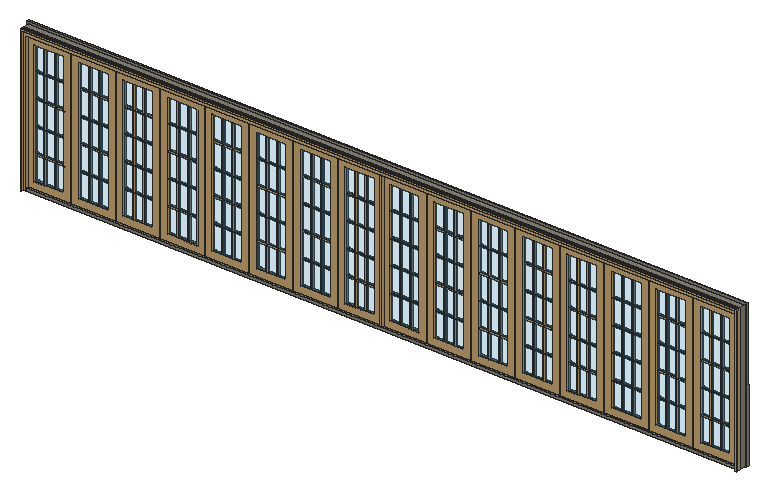
Revit family (continued)
Definition of nested family "Muntins"
  Forms (in)
    Extrusion 9, solid, material <- "Muntin Material", visible <- "PrairieMuntVisible", detail levels medium+fine
      from 0 to 0.375 <- "MuntinDepth"
    Extrusion 10, solid, material <- "Muntin Material", visible <- "PrairieMuntVisible", detail levels medium+fine
      sketch origin (-0.0013, 0, 1.125) x (1, 0, 0) y (0, 0, 1)
        loop
          line (-12.21745, 39.625) -> (-12.21745, 38.875) -> (12.22005, 38.875) -> (12.22005, 39.625) -> (-12.21745, 39.625)
      from 0 to 0.375 <- "MuntinDepth"
  Cuts and joins
    joined: Extrusion 7, Extrusion 8, Extrusion 9, Extrusion 10
  Lines and regions (in)
    model lines, style "Muntins", visible <- "CenterMuntinHorizontal", detail levels coarse
      curve 1: line (-12.21875, 0, 53.5625) -> (12.21875, 0, 53.5625)
    model lines, style "Muntins", visible <- "HorizMuntVisible", detail levels coarse
      curve 2: line (-12.21875, 0, 59.48958) -> (12.21875, 0, 59.48958)
      curve 3: line (-12.21875, 0, 47.63542) -> (12.21875, 0, 47.63542)
    model lines, style "Muntins", visible <- "CenterMuntinVertical", detail levels coarse
      curve 4: line (0, 0, 71.34375) -> (0, 0, 35.78125)
    model lines, style "Muntins", visible <- "VertMuntVisible", detail levels coarse
      curve 5: line (-4.07292, 0, 71.34375) -> (-4.07292, 0, 35.78125)
      curve 6: line (4.07292, 0, 71.34375) -> (4.07292, 0, 35.78125)
    model lines, style "Muntins", visible <- "PrairieMuntVisible", detail levels coarse
      curve 7: line (-12.21875, 0, 66.75) -> (12.21875, 0, 66.75)
      curve 8: line (-12.21875, 0, 40.375) -> (12.21875, 0, 40.375)
      curve 9: line (-7.625, 0, 35.78125) -> (-7.625, 0, 71.34375)
      curve 10: line (7.625, 0, 35.78125) -> (7.625, 0, 71.34375)
  Dimensions and locks (in)
    "Inset Horiz": plane 6 to plane 7
    "Inset Horiz": plane 8 to plane 4
    equal spacing: plane 6, plane 5, plane 4
    "Height": plane 6 to plane 4
    "GlazingHeight": plane 9 to plane 10
    equal spacing: plane 9, plane 5, plane 10
    "GlazingWidth": plane 12 to plane 11
    equal spacing: plane 12, plane 3 "Center (Left/Right)", plane 11
    "MuntinWidth": Extrusion 1 sketch curve to Extrusion 1 sketch curve
    "Height": Extrusion 1 sketch curve to Extrusion 1 sketch curve
    "MuntinWidth": Extrusion 2 sketch curve to Extrusion 2 sketch curve
    "Width": Extrusion 2 sketch curve to Extrusion 2 sketch curve
    "MuntinWidth": Extrusion 3 sketch curve to Extrusion 3 sketch curve
    "Height": Extrusion 3 sketch curve to Extrusion 3 sketch curve
    "Width": plane 15 to plane 14
    equal spacing: plane 15, plane 3 "Center (Left/Right)", plane 14
    "Inset Vert": plane 13 to plane 14
    "Inset Vert": plane 15 to plane 16
    "MuntinWidth": Extrusion 4 sketch curve to Extrusion 4 sketch curve
    "Width": Extrusion 4 sketch curve to Extrusion 4 sketch curve
    "MuntinWidth": Extrusion 5 sketch curve to Extrusion 5 sketch curve
    "Width": Extrusion 5 sketch curve to Extrusion 5 sketch curve
    group 2 to group 3 = 0' - 0"  (x2)
    group 3 to group 2 = 0' - 11.85417"
    "MuntinWidth": Extrusion 6 sketch curve to Extrusion 6 sketch curve
    "Height": Extrusion 6 sketch curve to Extrusion 6 sketch curve
    group 4 to group 5 = 0' - 8.14583"
    group 4 to group 5 = 0' - 0"  (x2)
    "Prairie Corner Width": plane 19 to plane 11
    "Prairie Corner Width": plane 20 to plane 12
    "Prairie Corner Height": plane 9 to plane 17
    "Prairie Corner Height": plane 18 to plane 10
    "MuntinWidth": Extrusion 7 sketch curve to Extrusion 7 sketch curve
    "Height": Extrusion 7 sketch curve to Extrusion 7 sketch curve
    "MuntinWidth": Extrusion 8 sketch curve to Extrusion 8 sketch curve
    "Height": Extrusion 8 sketch curve to Extrusion 8 sketch curve
    "MuntinWidth": Extrusion 9 sketch curve to Extrusion 9 sketch curve
    "Width": Extrusion 9 sketch curve to Extrusion 9 sketch curve
    "MuntinWidth": Extrusion 10 sketch curve to Extrusion 10 sketch curve
    "Width": Extrusion 10 sketch curve to Extrusion 10 sketch curve
    aligned and locked: plane 6 to Extrusion 1  (x2)
    aligned and locked: Extrusion 1 to plane 4  (x3)
    aligned and locked: Extrusion 3 to plane 13  (x5)
    aligned and locked: Extrusion 3 to plane 4  (x3)
    aligned and locked: Extrusion 2 to plane 14
    aligned and locked: plane 15 to Extrusion 2
    aligned and locked: plane 6 to Extrusion 3
    aligned and locked: plane 7 to Extrusion 4
    aligned and locked: Extrusion 4 to plane 14
    aligned and locked: plane 15 to Extrusion 4
    aligned and locked: curve 1 to plane 5
    aligned and locked: plane 14 to curve 1
    aligned and locked: plane 15 to curve 1
    aligned and locked: Extrusion 5 to plane 14
    aligned and locked: Extrusion 5 to plane 8
    aligned and locked: plane 15 to Extrusion 5
    aligned and locked: Extrusion 5 to curve 3  (x2)
    aligned and locked: Extrusion 4 to curve 2  (x2)
    aligned and locked: curve 4 to plane 3 "Center (Left/Right)"
    aligned and locked: Extrusion 1 to curve 4  (x2)
    aligned and locked: Extrusion 3 to curve 5  (x2)
    aligned and locked: Extrusion 6 to curve 6  (x2)
    aligned and locked: Extrusion 6 to plane 16
    aligned and locked: plane 6 to Extrusion 6
    aligned and locked: plane 6 to curve 6
    aligned and locked: Extrusion 6 to plane 4
    aligned and locked: plane 4 to curve 6
    aligned and locked: cut or joined group of Extrusion 7, Extrusion 8, Extrusion 9, Extrusion 10 to plane 19
    aligned and locked: plane 20 to cut or joined group of Extrusion 7, Extrusion 8, Extrusion 9, Extrusion 10
    aligned and locked: plane 17 to cut or joined group of Extrusion 7, Extrusion 8, Extrusion 9, Extrusion 10
    aligned and locked: cut or joined group of Extrusion 7, Extrusion 8, Extrusion 9, Extrusion 10 to plane 18
    aligned and locked: cut or joined group of Extrusion 7, Extrusion 8, Extrusion 9, Extrusion 10 to curve 7  (x2)
    aligned and locked: cut or joined group of Extrusion 7, Extrusion 8, Extrusion 9, Extrusion 10 to curve 8  (x2)
    aligned and locked: cut or joined group of Extrusion 7, Extrusion 8, Extrusion 9, Extrusion 10 to curve 9  (x2)
    aligned and locked: cut or joined group of Extrusion 7, Extrusion 8, Extrusion 9, Extrusion 10 to curve 10  (x2)
  Automatic sketch dimensions
    Extrusion 1 sketch curve to plane 4 = 0' - 0"
    Extrusion 1 sketch curve to plane 3 "Center (Left/Right)" = 0' - 0 3/8"
    Extrusion 2 sketch curve to plane 14 = 0' - 0"
    Extrusion 2 sketch curve to plane 5 = 0' - 0 3/8"
    Extrusion 7 sketch curve to plane 4 = 0' - 0"
    Extrusion 7 sketch curve to plane 19 = 0' - 0"
    Extrusion 8 sketch curve to plane 4 = 0' - 0"
    Extrusion 8 sketch curve to plane 20 = 0' - 0 3/4"
    Extrusion 9 sketch curve to plane 14 = 0' - 0"
    Extrusion 9 sketch curve to plane 17 = 0' - 0 3/4"
    Extrusion 10 sketch curve to plane 14 = 0' - 0"
    Extrusion 10 sketch curve to plane 18 = 0' - 0"
    plane 19 to curve 9 = 0' - 0 3/8"
    curve 10 to plane 20 = 0' - 0 3/8"
    plane 18 to curve 8 = 0' - 0 3/8"
    curve 7 to plane 17 = 0' - 0 3/8"
Definition of nested family "Casing_Clad"
  Parameters (values of type "Casing_Clad")
    Width = 55' - 0"
    Height = 8' - 1 1/8"
    Flat Casing Visibility = no
    Cladding Finish = Aluminum-Marvin-Bronze
    BMC Visibility = yes
    Assembly Code = ""
  Reference planes (in)
    plane 1 "Center (Front/Back)": y = 0
    plane 2: z = 0
    plane 3 "Center (Left/Right)": x = 0
    plane 4: z = 97.125
    plane 5: x = -330
    plane 6: x = 330
  Forms (in)
    Sweep 1, solid, material "Aluminum-Marvin-Bronze" <- "Cladding Finish", visible <- "BMC Visibility"
      path origin (0, 0, 0) x (1, 0, 0) y (0, 0, 1)
        loop
          line (-330, 0) -> (-330, 97.125) -> (330, 97.125) -> (330, 0)
      profile "BMC_Clad : BMC_Clad" origin (330, 0, 48.5625) x (1, 0, 0) y (0, -1, 0)
        loop
          line (0.71589, -1.25) -> (1.3125, -1.25) -> (1.3125, 0) -> (0, 0) -> (0, -1.09375) -> (0.38081, -1.09375) -> (0.71589, -1.25)
    Sweep 2, solid, material "Aluminum-Marvin-Bronze" <- "Cladding Finish", visible <- "Flat Casing Visibility"
      path origin (0, 0, 0) x (1, 0, 0) y (0, 0, 1)
        loop
          line (-330, 0) -> (-330, 97.125) -> (330, 97.125) -> (330, 0)
      profile "Flat_Casing_Clad : Flat_Casing_Clad" origin (330, 0, 48.5625) x (1, 0, 0) y (0, -1, 0)
        loop
          line (3, -1.09375) -> (3, 0) -> (0, 0) -> (0, -1.09375) -> (3, -1.09375)
  Lines and regions (in)
    Masking region 1, visible <- "Flat Casing Visibility"
      outline origin (0, 0, 0) x (1, 0, 0) y (0, 1, 0)
        loop
          line (-330, 0) -> (-330, 1.09375) -> (-333, 1.09375) -> (-333, 0) -> (-330, 0)
    Masking region 2, visible <- "Flat Casing Visibility"
      outline origin (0, 0, 0) x (0, 1, 0) y (-1, 0, 0)
        loop
          line (0, -330) -> (0, -333) -> (1.09375, -333) -> (1.09375, -330) -> (0, -330)
    Masking region 3, visible <- "BMC Visibility"
      outline origin (0, 0, 0) x (1, 0, 0) y (0, 1, 0)
        loop
          line (330, 1.09375) -> (330, 0) -> (331.3125, 0) -> (331.3125, 1.25) -> (330.71589, 1.25) -> (330.38081, 1.09375) -> (330, 1.09375)
    Masking region 4, visible <- "BMC Visibility"
      outline origin (0, 0, 0) x (0, 1, 0) y (-1, 0, 0)
        loop
          line (1.09375, 330) -> (1.09375, 330.38081) -> (1.25, 330.71589) -> (1.25, 331.3125) -> (0, 331.3125) -> (0, 330) -> (1.09375, 330)
    Masking region 5, visible <- "Flat Casing Visibility"
      outline origin (0, 0, 0) x (0, 1, 0) y (0, 0, 1)
        loop
          line (1.09375, 100.125) -> (0, 100.125) -> (0, 97.125) -> (1.09375, 97.125) -> (1.09375, 100.125)
    Masking region 6, visible <- "BMC Visibility"
      outline origin (0, 0, 0) x (0, 1, 0) y (0, 0, 1)
        loop
          line (1.25, 98.4375) -> (0, 98.4375) -> (0, 97.125) -> (1.09375, 97.125) -> (1.09375, 97.50581) -> (1.25, 97.84089) -> (1.25, 98.4375)
    symbolic lines, style "Frame/Mullion", visible <- "Flat Casing Visibility", detail levels coarse+medium
      curve 1: line (0, 1.09375, 97.125) -> (0, 1.09375, 100.125)
      curve 2: line (0, 1.09375, 100.125) -> (0, 0, 100.125)
      curve 11: line (-333, 1.09375, 0) -> (-333, 0, 0)
      curve 12: line (-330, 1.09375, 0) -> (-333, 1.09375, 0)
      curve 13: line (333, 0, 0) -> (333, 1.09375, 0)
      curve 14: line (333, 1.09375, 0) -> (330, 1.09375, 0)
    symbolic lines, style "Frame/Mullion", visible <- "BMC Visibility", detail levels coarse+medium
      curve 3: line (0, 1.25, 98.4375) -> (0, 0, 98.4375)
      curve 4: line (0, 1.25, 97.84089) -> (0, 1.25, 98.4375)
      curve 5: line (0, 1.09375, 97.50581) -> (0, 1.25, 97.84089)
      curve 6: line (0, 1.09375, 97.125) -> (0, 1.09375, 97.50581)
      curve 7: line (-330.71589, 1.25, 0) -> (-331.3125, 1.25, 0)
      curve 8: line (-330.38081, 1.09375, 0) -> (-330.71589, 1.25, 0)
      curve 9: line (-330, 1.09375, 0) -> (-330.38081, 1.09375, 0)
      curve 10: line (-331.3125, 1.25, 0) -> (-331.3125, 0, 0)
      curve 15: line (331.3125, 0, 0) -> (331.3125, 1.25, 0)
      curve 16: line (331.3125, 1.25, 0) -> (330.71589, 1.25, 0)
      curve 17: line (330.71589, 1.25, 0) -> (330.38081, 1.09375, 0)
      curve 18: line (330.38081, 1.09375, 0) -> (330, 1.09375, 0)
  Dimensions and locks (in)
    "Width": plane 6 to plane 5
    equal spacing: plane 6, plane 3 "Center (Left/Right)", plane 5
    "Height": plane 4 to plane 2
    aligned and locked: plane 4 to Sweep 1 sketch curve
    aligned and locked: plane 5 to Sweep 1 sketch curve
    aligned and locked: plane 2 to Sweep 1 sketch curve
    aligned and locked: Sweep 1 sketch curve to plane 2
    aligned and locked: plane 4 to Sweep 2 sketch curve
    aligned and locked: plane 5 to Sweep 2 sketch curve
    aligned and locked: plane 2 to Sweep 2 sketch curve
    aligned and locked: Sweep 2 sketch curve to plane 2
    aligned and locked: Masking region 1 sketch curve to Sweep 1
    aligned and locked: plane 1 "Center (Front/Back)" to Masking region 1 sketch curve
    aligned and locked: Sweep 2 to Masking region 1 sketch curve
    aligned and locked: Masking region 1 sketch curve to Sweep 2
    aligned and locked: Masking region 2 sketch curve to Sweep 2  (x3)
    aligned and locked: Sweep 2 to Masking region 2 sketch curve
    aligned and locked: Masking region 3 sketch curve to Sweep 2
    aligned and locked: Masking region 3 sketch curve to Sweep 1  (x4)
    aligned and locked: Sweep 1 to Masking region 3 sketch curve
    aligned and locked: Masking region 4 sketch curve to Sweep 2
    aligned and locked: Masking region 4 sketch curve to Sweep 1  (x5)
    aligned and locked: Masking region 5 sketch curve to Sweep 2  (x2)
    aligned and locked: Sweep 1 to Masking region 5 sketch curve
    aligned and locked: Masking region 5 sketch curve to Sweep 1
    aligned and locked: Masking region 6 sketch curve to Sweep 1  (x6)
    aligned and locked: curve 1 to Masking region 5
    aligned and locked: curve 2 to Sweep 2
    aligned and locked: curve 3 to Sweep 1
    aligned and locked: curve 4 to Masking region 6
    aligned and locked: curve 5 to Sweep 1
    aligned and locked: curve 6 to Masking region 6
    aligned and locked: Masking region 2 to curve 14
    aligned and locked: Masking region 3 to curve 16
    aligned and locked: Masking region 3 to curve 18
    aligned and locked: Sweep 2 sketch curve to plane 6
    aligned and locked: Sweep 1 sketch curve to plane 6
    aligned and locked: curve 11 to Sweep 2
    aligned and locked: curve 10 to Sweep 1
    aligned and locked: Sweep 1 to curve 7
    aligned and locked: curve 8 to Sweep 1
    aligned and locked: Sweep 1 to curve 9
    aligned and locked: curve 13 to Sweep 2
    aligned and locked: curve 15 to Sweep 1
    aligned and locked: curve 17 to Sweep 1
  Automatic sketch dimensions
    curve 1 to plane 4 = 0' - 0"
    curve 2 to plane 1 "Center (Front/Back)" = 0' - 0"
    curve 3 to plane 1 "Center (Front/Back)" = 0' - 0"
    curve 6 to plane 4 = 0' - 0"
    curve 10 to plane 1 "Center (Front/Back)" = 0' - 0"
    curve 11 to plane 1 "Center (Front/Back)" = 0' - 0"
    curve 13 to plane 1 "Center (Front/Back)" = 0' - 0"
    curve 15 to plane 1 "Center (Front/Back)" = 0' - 0"
    plane 5 to curve 12 = 0' - 0"
    curve 18 to plane 6 = 0' - 0"
Definition of nested family "Panel_TRDL"
  Parameters (values of type "Panel_TRDL")
    Width = 2' - 11 139/256"
    Thickness = 0' - 2 7/32"
    Standard Bottom Rail = yes
    Sill Option = 1
    Sill Offset = if(Sill Option < 2, 0' 0 7/16", 0' 0")  # 0' - 0 7/16"
    Offset = if(Standard Bottom Rail, 0' 1", 0' 0")  # 0' - 1"
    Meeting Stile [instance] = yes
    Interior Finish = none
    Height = 7' - 7 3/8"
    Glazing Material = Glass-Marvin-IG Low E II with Argon
    Function = (empty or 0)
    Elevation Swing = yes
    Cladding Finish = Aluminum-Marvin-Bronze
    Bottom Rail = if(Standard Bottom Rail, 0' 4 47/64", 0' 8 1/8")  # 0' - 4 47/64"
    Assembly Code = ""
    8 1_8 Bottom Rail = not(Standard Bottom Rail)  # no
  Reference planes (in)
    plane 1 "Center (Front/Back)": y = 0
    plane 2: z = 0
    plane 3 "Center (Left/Right)": x = 0
    plane 4: x = -17.77148
    plane 5: x = 17.77148
    plane 6: z = 91.375
    plane 7 "Interior": y = -2.21875
    plane 8: z = 86.64062
    plane 9: x = -13.03711
    plane 10: x = 13.03711
    plane 11: z = 4.73437
  Forms (in)
    Sweep 1, solid, material <- "Interior Finish"
      path origin (0, 0, 0) x (1, 0, 0) y (0, 0, 1)
        loop
          line (-13.03711, 86.64063) -> (-13.03711, 4.73438) -> (13.03711, 4.73438) -> (13.03711, 86.64063) -> (-13.03711, 86.64063)
      profile "Sash_Int : Sash_Int" origin (0, 0, 86.64063) x (0, 0, 1) y (0, -1, 0)
        loop
          line (4.73438, 2.21875) -> (0, 2.21875) -> (0, 1.4375) -> (0.73438, 1.4375) -> (0.73437, 0.46875) -> (4.73437, 0.46875) -> (4.73438, 2.21875)
    Extrusion 2, solid, material "Glass-Marvin-IG Low E II with Argon" <- "Glazing Material"
      sketch origin (0, 0, 0) x (1, 0, 0) y (0, 0, 1)
        loop
          line (-13.76195, 87.36546) -> (-13.76195, 4.00954) -> (13.76195, 4.00954) -> (13.76195, 87.36546) -> (-13.76195, 87.36546)
      from 0.46875 to 0.65625
    Sweep 3, solid, material "Aluminum-Marvin-Bronze" <- "Cladding Finish"
      path origin (0, 0, 0) x (1, 0, 0) y (0, 0, 1)
        loop
          line (-13.03711, 86.64063) -> (-13.03711, 4.73438) -> (13.03711, 4.73438) -> (13.03711, 86.64063) -> (-13.03711, 86.64063)
      profile "Sash_Ext : Sash_Ext" origin (0, 0, 86.64063) x (0, 0, 1) y (0, -1, 0)
        loop
          line (4.73438, 0.46875) -> (0, 0.46875) -> (0, 0.40625) -> (0.25, 0.15625) -> (0.25, 0) -> (4.73437, 0) -> (4.73438, 0.46875)
    Sweep 4, solid, material "Aluminum-Marvin-Bronze" <- "Cladding Finish"
      path origin (0, 0, 0) x (1, 0, 0) y (0, 0, 1)
        loop
          line (17.77148, 0) -> (-17.77148, 0)
      profile origin (0, 0, 0) x (0, 0, -1) y (0, -1, 0)
        loop
          line (0, 0) -> (0, 0.46875) -> (-1, 0.46875) -> (-1, 0) -> (0, 0)
    Sweep 5, solid, material <- "Interior Finish"
      path origin (0, 0, 0) x (1, 0, 0) y (0, 0, 1)
        loop
          line (17.77148, 0) -> (-17.77148, 0)
      profile origin (0, 0, 0) x (0, 0, -1) y (0, -1, 0)
        loop
          line (0, 0.46875) -> (0, 2.21875) -> (-1, 2.21875) -> (-1, 0.46875) -> (0, 0.46875)
    Sweep 6, solid, material <- "Interior Finish", visible <- "Meeting Stile"
      path origin (0, -2.21875, 0) x (1, 0, 0) y (0, 0, 1)
        loop
          line (-17.77148, 91) -> (-17.77148, 0.4375)
      profile "Mtg_Stile : Mtg_Stile" origin (-17.77148, -2.21875, 45.71875) x (1, 0, 0) y (0, -1, 0)
        loop
          line (1, 1.34375) -> (-0.8125, 1.34375) -> (-0.8125, 0) -> (1, 0) -> (1, 1.34375)
    Extrusion 7, solid, material "Glass-Marvin-IG Low E II with Argon" <- "Glazing Material"
      sketch origin (0, 0, 0) x (1, 0, 0) y (0, 0, 1)
        loop
          line (-13.76195, 87.36546) -> (-13.76195, 4.00954) -> (13.76195, 4.00954) -> (13.76195, 87.36546) -> (-13.76195, 87.36546)
      from 1.25 to 1.4375
  Cuts and joins
    joined: Sweep 3, Sweep 4
    joined: Sweep 1, Sweep 5
  Lines and regions (in)
    symbolic lines, style "Elevation Swing", visible <- "Elevation Swing"
      curve 1: line (17.77148, 0, 45.6875) -> (-17.77148, 0, 91.375)
      curve 2: line (17.77148, 0, 45.6875) -> (-17.77148, 0, 0)
  Dimensions and locks (in)
    equal spacing: plane 4, plane 3 "Center (Left/Right)", plane 5
    "Width": plane 4 to plane 5
    "Height": plane 6 to plane 2
    locked: plane 9 to plane 4 at 4.73438
    locked: plane 5 to plane 10 at 4.73438
    locked: plane 6 to plane 8 at 4.73438
    "Bottom Rail": plane 11 to plane 2
    "Thickness": plane 7 "Interior" to plane 1 "Center (Front/Back)"
    locked: plane 6 to Sweep 6 sketch curve at 0.375
    "Sill Offset": Sweep 6 sketch curve to plane 2
    locked: Extrusion 2 sketch curve to plane 8 at 0.72484
    locked: plane 11 to Extrusion 2 sketch curve at 0.72484
    locked: Extrusion 2 sketch curve to plane 10 at 0.72484
    locked: plane 9 to Extrusion 2 sketch curve at 0.72484
    locked: Extrusion 7 sketch curve to plane 8 at 0.72484
    locked: plane 11 to Extrusion 7 sketch curve at 0.72484
    locked: Extrusion 7 sketch curve to plane 10 at 0.72484
    locked: plane 9 to Extrusion 7 sketch curve at 0.72484
    "Offset": Sweep 5 sketch curve to plane 2
    locked: plane 11 to Sweep 5 sketch curve at 4.73438
    "Offset": Sweep 4 sketch curve to plane 2
    locked: plane 11 to Sweep 4 sketch curve at 4.73438
    equal spacing: plane 6, curve 2, plane 2
    aligned and locked: plane 11 to Sweep 1 sketch curve
    aligned and locked: plane 9 to Sweep 1 sketch curve
    aligned and locked: Sweep 1 sketch curve to plane 8
    aligned and locked: Sweep 1 sketch curve to plane 10
    aligned: Sweep 1 to Extrusion 2
    aligned: Extrusion 2 to Sweep 1
    aligned and locked: plane 8 to Sweep 3 sketch curve
    aligned and locked: plane 10 to Sweep 3 sketch curve
    aligned and locked: Sweep 3 sketch curve to plane 11
    aligned and locked: Sweep 3 sketch curve to plane 9
    aligned and locked: plane 4 to Sweep 4 sketch curve
    aligned and locked: plane 4 to Sweep 5 sketch curve
    aligned and locked: Sweep 5 sketch curve to plane 7 "Interior"
    aligned and locked: cut or joined group of Sweep 3, Sweep 4 to Sweep 6 sketch curve
    aligned and locked: curve 1 to cut or joined group of Sweep 3, Sweep 4  (x2)
    aligned and locked: plane 5 to Sweep 5 sketch curve
    aligned and locked: Sweep 5 sketch curve to profile plane
    aligned and locked: cut or joined group of Sweep 1, Sweep 5 to Sweep 4 sketch curve
    aligned and locked: plane 5 to Sweep 4 sketch curve
    aligned and locked: cut or joined group of Sweep 1, Sweep 5 to Extrusion 2
    aligned and locked: Extrusion 7 to cut or joined group of Sweep 1, Sweep 5
    aligned and locked: Extrusion 2 to cut or joined group of Sweep 3, Sweep 4
  Automatic sketch dimensions
    Sweep 4 sketch curve to profile plane = 0' - 0"
    Sweep 4 sketch curve to plane 1 "Center (Front/Back)" = 0' - 0"
    plane 1 "Center (Front/Back)" to Sweep 5 sketch curve = 0' - 0 15/32"
    curve 2 to level = 0' - 0"
    curve 2 to plane 4 = 0' - 0"
    curve 1 to plane 6 = 0' - 0"
Definition of nested family "Label Annotation 1-16 w"
  Parameters
    Label = ""
    Egress Info = ""
    Description = "4848 FIXED"
  Reference planes (in)
    plane 1: y = 0
    plane 2: x = 0
  Text (in)
    label "Description Egress Info" at (0.00375, -0.00345, 0), shows "Description", "Egress Info"
Definition of nested family "Door_Section_Detail"
  Parameters (values of type "Door_Section_Detail")
    Sill Performance = yes
    Sill Low Profile = no
    Panel Height = 7' - 8"
    Height = 8' - 1 1/8"
    Flat Casing = no
    Flange = not(Casing Visibility)  # no
    Casing Visibility = yes
    Bottom Rail = 0' - 8 1/8"
    BMC = yes
    Assembly Code = ""
    Sill Floor Channel = no
  Reference planes (in)
    plane 1 "Bottom": y = 0
    plane 2: z = 0
    plane 3 "Center (Left/Right)": x = 0
    plane 4: y = 97.125
    plane 5: y = 93.65625
  Lines and regions (in)
    detail lines, style "Cut Lines", in view "Ref. Level"
      curve 1: line (2.03077, 9.14062, 0) -> (2.03077, 89.55382, 0)
      curve 2: line (2.21827, 9.14062, 0) -> (2.21827, 89.55382, 0)
      curve 3: line (2.81202, 9.14062, 0) -> (2.81202, 89.55382, 0)
      curve 4: line (2.99952, 9.14062, 0) -> (2.99952, 89.55382, 0)
  Dimensions and locks (in)
    "Height": plane 4 to plane 1 "Bottom"
    locked: plane 4 to plane 5 at 3.46875
    "Panel Height": plane 5 to nested 2
    aligned and locked: nested 1 to plane 4
    aligned and locked: plane 3 "Center (Left/Right)" to nested 1
    aligned and locked: plane 3 "Center (Left/Right)" to nested 2
    aligned and locked: plane 1 "Bottom" to nested 3
    aligned and locked: plane 3 "Center (Left/Right)" to nested 3
    aligned and locked: nested 2 to curve 4  (x2)
    aligned and locked: nested 2 to curve 3
    aligned and locked: nested 2 to curve 2
    aligned and locked: nested 2 to curve 1
    aligned and locked: curve 3 to nested 2
    aligned and locked: curve 2 to nested 2
    aligned and locked: curve 1 to nested 2
    aligned and locked: curve 4 to nested 1
    aligned and locked: nested 1 to curve 1
    aligned and locked: nested 1 to curve 2
    aligned and locked: nested 1 to curve 3
  Nested families (in)
    nested 1: "Head_Detail" at (0, 97.125, 0), type "Jamb_Detail", in view "Ref. Level"
    nested 2: "Sill_Detail" at (0, 1.65625, 0), type "Sill_Detail", in view "Ref. Level"
    nested 3: "Sill_Base_Detail" at (0, 0, 0), type "Sill_Detail", in view "Ref. Level"
  Definition of nested family "Head_Detail"
    Parameters (values of type "Jamb_Detail")
      Flange = not(Casing Visibility)  # no
      Casing Visibility = yes
      Assembly Code = ""
    Reference planes (in)
      plane 1 "Center (Front/Back)": y = 0
      plane 2: z = 0
      plane 3 "Center (Left/Right)": x = 0
    Lines and regions (in)
      detail lines, style "Cut Lines", in view "Ref. Level"
        curve 1: line (5.5625, 0, 0) -> (-1.09375, 0, 0)
        curve 2: line (5.5625, 0, 0) -> (5.5625, -3.84375, 0)
        curve 3: line (5.5625, -3.84375, 0) -> (4.21875, -3.84375, 0)
        curve 4: line (4.21875, -3.21875, 0) -> (4.21875, -3.84375, 0)
        curve 5: line (4.21875, -3.21875, 0) -> (1.625, -3.21875, 0)
        curve 6: line (2.10104, -1.125, 0) -> (0.125, -1.125, 0)
        curve 7: line (2.10104, -1.125, 0) -> (2.10104, -3.21875, 0)
        curve 8: line (0.125, -3.03125, 0) -> (0.125, -1.125, 0)
        curve 9: line (-1.09375, -0.8125, 0) -> (-1.09375, 0, 0)
        curve 10: line (1.625, -3.21875, 0) -> (1.625, -2.71875, 0)
        curve 11: line (1.99167, -1.26563, 0) -> (0.23438, -1.26563, 0)
        curve 12: line (0.23438, -1.26563, 0) -> (0.23438, -2.84375, 0)
        curve 13: line (1.99167, -2.84375, 0) -> (1.99167, -1.26563, 0)
        curve 14: line (0.84375, -2.71875, 0) -> (0.84375, -3.03125, 0)
        curve 15: line (0.59375, -2.84375, 0) -> (0.23438, -2.84375, 0)
        curve 16: line (1.875, -2.84375, 0) -> (1.99167, -2.84375, 0)
        curve 17: line (0.84375, -2.71875, 0) -> (0.59375, -2.71875, 0)
        curve 18: line (1.625, -2.71875, 0) -> (1.875, -2.71875, 0)
        curve 19: line (1.875, -2.84375, 0) -> (1.875, -2.71875, 0)
        curve 20: line (0.59375, -2.71875, 0) -> (0.59375, -2.84375, 0)
        curve 21: line (0.84375, -3.03125, 0) -> (0.125, -3.03125, 0)
        curve 22: line (3.78077, -3.47742, 0) -> (1.56202, -3.47742, 0)
        curve 23: line (3.78077, -8.2118, 0) -> (3.78077, -3.47742, 0)
        curve 24: line (1.56202, -3.47742, 0) -> (1.56202, -7.9618, 0)
        curve 25: line (2.99952, -8.2118, 0) -> (3.78077, -8.2118, 0)
        curve 26: line (1.56202, -7.9618, 0) -> (1.71827, -7.9618, 0)
        curve 27: line (2.03077, -8.2118, 0) -> (1.96827, -8.2118, 0)
        curve 28: line (2.03077, -7.47742, 0) -> (2.99952, -7.47742, 0)
        curve 29: line (2.03077, -8.2118, 0) -> (2.03077, -7.47742, 0)
        curve 30: line (2.99952, -7.47742, 0) -> (2.99952, -8.2118, 0)
        curve 31: line (1.71827, -7.9618, 0) -> (1.96827, -8.2118, 0)
        curve 32: line (2.99952, -7.57117, 0) -> (2.03077, -7.57117, 0)
        curve 33: line (2.81202, -7.88368, 0) -> (2.21827, -7.88367, 0)
        curve 34: line (-0.0625, -0.8125, 0) -> (-1.09375, -0.8125, 0)
        curve 35: line (-0.0625, -1.125, 0) -> (-0.0625, -0.8125, 0)
        curve 41: line (0.125, -1.125, 0) -> (-0.0625, -1.125, 0)
      detail lines, style "Cut Lines", in view "Ref. Level", visible <- "Flange"
        curve 36: line (0, 1.5, 0) -> (0, 0.15625, 0)
        curve 37: line (0, 0.15625, 0) -> (0.11001, 0.15625, 0)
        curve 38: line (-0.04688, 1.5, 0) -> (-0.04688, 0, 0)
        curve 39: line (0, 1.5, 0) -> (-0.04688, 1.5, 0)
        curve 40: line (0.11001, 0.15625, 0) -> (0.11001, 0, 0)
  Definition of nested family "Sill_Detail"
    Parameters (values of type "Sill_Detail")
      Bottom Rail = 0' - 8 1/8"
      Assembly Code = ""
      8 Sill = no
      6.5625 Sill = yes
    Reference planes (in)
      plane 1 "Center (Front/Back)": y = 0
      plane 2: z = 0
      plane 3 "Center (Left/Right)": x = 0
      plane 4: y = 8.125
    Lines and regions (in)
      detail lines, style "Cut Lines", in view "Ref. Level"
        curve 1: line (3.78077, 0, 0) -> (1.56202, 0, 0)
        curve 2: line (3.78077, 8.125, 0) -> (3.78077, 0, 0)
        curve 3: line (1.56202, 0, 0) -> (1.56202, 7.875, 0)
        curve 4: line (2.99952, 8.125, 0) -> (3.78077, 8.125, 0)
        curve 5: line (1.56202, 7.875, 0) -> (1.71827, 7.875, 0)
        curve 6: line (2.03077, 8.125, 0) -> (1.96827, 8.125, 0)
        curve 7: line (2.03077, 7.39062, 0) -> (2.99952, 7.39062, 0)
        curve 8: line (2.03077, 8.125, 0) -> (2.03077, 7.39062, 0)
        curve 9: line (2.99952, 7.39062, 0) -> (2.99952, 8.125, 0)
        curve 10: line (1.71827, 7.875, 0) -> (1.96827, 8.125, 0)
        curve 11: line (2.99952, 7.48437, 0) -> (2.03077, 7.48437, 0)
        curve 12: line (2.81202, 7.79687, 0) -> (2.21827, 7.79687, 0)
      detail lines, style "Cut Lines", in view "Ref. Level", not visible
        curve 13: line (2.99952, 8.125, 0) -> (3.78077, 8.125, 0)
        curve 14: line (1.56202, 7.875, 0) -> (1.71827, 7.875, 0)
        curve 15: line (2.03077, 8.125, 0) -> (1.96827, 8.125, 0)
        curve 16: line (2.03077, 7.39062, 0) -> (2.99952, 7.39062, 0)
        curve 17: line (2.03077, 8.125, 0) -> (2.03077, 7.39062, 0)
        curve 18: line (2.99952, 7.39062, 0) -> (2.99952, 8.125, 0)
        curve 19: line (1.71827, 7.875, 0) -> (1.96827, 8.125, 0)
        curve 20: line (2.99952, 7.48437, 0) -> (2.03077, 7.48437, 0)
        curve 21: line (2.81202, 7.79687, 0) -> (2.21827, 7.79687, 0)
    Dimensions and locks (in)
      "Bottom Rail": plane 1 "Center (Front/Back)" to plane 4
      aligned and locked: plane 4 to curve 4
      aligned and locked: curve 1 to plane 1 "Center (Front/Back)"
    Automatic sketch dimensions
      curve 2 to plane 4 = 0' - 0"
      plane 4 to curve 3 = 0' - 0 1/4"
      plane 3 "Center (Left/Right)" to curve 1 = 0' - 1.56202"
      curve 1 to curve 2 = 0' - 2 7/32"
  Definition of nested family "Sill_Base_Detail"
    Parameters (values of type "Sill_Detail")
      Sill Performance = yes
      Sill Low Profile = no
      Assembly Code = ""
      Sill Floor Channel = no
    Reference planes (in)
      plane 1 "Center (Front/Back)": y = 0
      plane 2: z = 0
      plane 3 "Center (Left/Right)": x = 0
    Lines and regions (in)
      detail lines, style "Cut Lines", in view "Ref. Level", visible <- "Sill Performance"
        curve 1: line (5.5625, 0, 0) -> (-1.09375, 0, 0)
        curve 2: line (4.21875, 2.125, 0) -> (5.5625, 2.125, 0)
        curve 3: line (5.5625, 2.125, 0) -> (5.5625, 0, 0)
        curve 4: line (4.21875, 1.3125, 0) -> (4.21875, 2.125, 0)
        curve 5: line (-1.09375, 1.04409, 0) -> (-1.09375, 0, 0)
        curve 6: line (2.28125, 1.3125, 0) -> (2.517, 1.3125, 0)
        curve 7: line (-1.09375, 1.04409, 0) -> (1.625, 1.32985, 0)
        curve 8: line (1.625, 0.4375, 0) -> (1.625, 1.32985, 0)
        curve 9: line (2.28125, 1.3125, 0) -> (2.28125, 0.4375, 0)
        curve 10: line (2.28125, 0.4375, 0) -> (1.625, 0.4375, 0)
        curve 35: line (3.09375, 1.3125, 0) -> (3.09375, 0.4375, 0)
        curve 36: line (3.09375, 0.4375, 0) -> (2.517, 0.5813, 0)
        curve 37: line (2.517, 0.5813, 0) -> (2.517, 1.3125, 0)
        curve 38: line (3.09375, 1.3125, 0) -> (4.21875, 1.3125, 0)
      detail lines, style "Cut Lines", in view "Ref. Level", visible <- "Sill Low Profile"
        curve 11: line (-1.09375, 1.125, 0) -> (1.625, 1.125, 0)
        curve 12: line (-1.09375, 0, 0) -> (-1.09375, 1.125, 0)
        curve 13: line (5.5625, 1.125, 0) -> (5.5625, 0, 0)
        curve 14: line (1.625, 0.25, 0) -> (1.625, 1.125, 0)
        curve 15: line (2.28125, 1.125, 0) -> (2.28125, 0.25, 0)
        curve 16: line (2.28125, 0.25, 0) -> (1.625, 0.25, 0)
        curve 17: line (2.28125, 1.125, 0) -> (2.517, 1.125, 0)
        curve 21: line (5.5625, 0, 0) -> (-1.09375, 0, 0)
        curve 31: line (3.09375, 1.125, 0) -> (3.09375, 0.25, 0)
        curve 32: line (3.09375, 0.25, 0) -> (2.517, 0.3938, 0)
        curve 33: line (2.517, 0.3938, 0) -> (2.517, 1.125, 0)
        curve 34: line (3.09375, 1.125, 0) -> (5.5625, 1.125, 0)
      detail lines, style "Cut Lines", in view "Ref. Level", visible <- "Sill Floor Channel"
        curve 18: line (2.28125, -0.875, 0) -> (1.625, -0.875, 0)
        curve 19: line (1.625, -0.875, 0) -> (1.625, 0, 0)
        curve 20: line (2.28125, 0, 0) -> (2.28125, -0.875, 0)
        curve 22: line (3.1875, 0, 0) -> (3.1875, -1.09375, 0)
        curve 23: line (3.1875, -1.09375, 0) -> (1.46875, -1.09375, 0)
        curve 24: line (1.46875, -1.09375, 0) -> (1.46875, 0, 0)
        curve 25: line (3.1875, 0, 0) -> (3.09375, 0, 0)
        curve 26: line (1.625, 0, 0) -> (1.46875, 0, 0)
        curve 27: line (3.09375, 0, 0) -> (3.09375, -0.87613, 0)
        curve 28: line (3.09375, -0.87613, 0) -> (2.517, -0.73233, 0)
        curve 29: line (2.517, -0.73233, 0) -> (2.517, 0, 0)
        curve 30: line (2.517, 0, 0) -> (2.28125, 0, 0)
Definition of nested family "8_Panel_Swing_Detail"
  Parameters (values of type "Door_Plan_Detail")
    Swing Visibility [instance] = not(or(Swing Angle = 0.00°, Number of Panels > 1))  # no
    Swing Reverse = no
    Swing Horiz = Panel Width * cos(Swing Angle)  # 2' - 1.13267"
    Swing Constraint [instance] = if(Config > 1, Swing Angle, 0.00°)  # 45.00°
    Swing Angle = 45.00°
    Space Btwn Panels = 0' - 0 7/32"
    S8 [instance] = yes
    S7 [instance] = no
    S6 [instance] = no
    S5 [instance] = no
    S4 [instance] = no
    S3 [instance] = no
    S2 [instance] = no
    S1 [instance] = no
    Panels_R [instance] = 3
    Panels_L [instance] = 3
    Panel Width = 2' - 11 139/256"
    Number of Panels_R [instance] = if(Swing Reverse, Panels_L, Panels_R)  # 3
    Number of Panels_L [instance] = if(Swing Reverse, Panels_R, Panels_L)  # 3
    Number of Panels [instance] = if(L_R_1_2 = 1, Number of Panels_L, Number of Panels_R)  # 3
    Panel Gap = 2 * 0' 2 7/32" * sin(Swing Angle) + Space Btwn Panels  # 0' - 3.35654"
    P8 [instance] = Number of Panels > 7  # no
    P7 [instance] = Number of Panels > 6  # no
    P6 [instance] = Number of Panels > 5  # no
    P5 [instance] = Number of Panels > 4  # no
    P4 [instance] = Number of Panels > 3  # no
    P3 [instance] = Number of Panels > 2  # yes
    P2 [instance] = Number of Panels > 1  # yes
    P1 [instance] = Number of Panels > 0  # yes
    L_R_1_2 [instance] = 1
    Config = 45
    Assembly Code = ""
    2 Panel Swing Horiz = 2 * Swing Horiz + Panel Gap  # 4' - 5.62188"
  Reference planes (in)
    plane 1: z = 0
    plane 2 "Swing Line": y = 0.09375
    plane 3 "Right": x = -19.125
    plane 4: x = -19.92187
    plane 5: x = -73.54376
    plane 6: x = -73.76251
    plane 7: x = -127.38439
    plane 8: x = -127.60314
    plane 9: x = -181.22503
    plane 10: x = -181.44378
    plane 11: x = -235.06566
    plane 12: x = -18
  Dimensions and locks (in)
    "Space Btwn Panels": plane 10 to plane 9
    "Space Btwn Panels": plane 8 to plane 7
    "Space Btwn Panels": plane 6 to plane 5
    "2 Panel Swing Horiz": plane 11 to plane 10
    "2 Panel Swing Horiz": plane 9 to plane 8
    "2 Panel Swing Horiz": plane 7 to plane 6
    "2 Panel Swing Horiz": plane 5 to plane 4
    locked: plane 3 "Right" to plane 12 at 1.125
    locked: plane 4 to plane 12 at 1.92187
    aligned and locked: nested 1 to plane 4
    aligned and locked: plane 2 "Swing Line" to nested 1
    aligned and locked: nested 2 to plane 2 "Swing Line"
    aligned and locked: nested 2 to plane 5
    aligned and locked: nested 7 to plane 11
    aligned and locked: nested 7 to plane 2 "Swing Line"
    aligned and locked: nested 8 to plane 10
    aligned and locked: plane 2 "Swing Line" to nested 8
    aligned and locked: nested 6 to plane 9
    aligned and locked: nested 6 to plane 2 "Swing Line"
    aligned and locked: nested 5 to plane 8
    aligned and locked: plane 2 "Swing Line" to nested 5
    aligned and locked: nested 3 to plane 7
    aligned and locked: nested 3 to plane 2 "Swing Line"
    aligned and locked: nested 4 to plane 6
    aligned and locked: plane 2 "Swing Line" to nested 4
    aligned and locked: plane 12 to nested 9
    aligned and locked: plane 2 "Swing Line" to nested 9
  Nested families (in)
    nested 1: "Panel_Swing_Detail" at (-0.79687, 0, 0), visible <- "P1", Mtg Stile L <- "S1", type "Door_Plan_Detail", in view "Ref. Level"
      with Swing Visibility yes, Swing Constraint 45.00°, Swing Arc no, Mtg Stile R no, Mtg Stile L no
    nested 2: "Panel_Swing_Detail" at (-92.66876, 0, 0) x (-1, 0, 0) z (0, 0, 1), visible <- "P2", Mtg Stile R <- "S2", type "Door_Plan_Detail", in view "Ref. Level"
      with Swing Visibility yes, Swing Constraint 45.00°, Swing Arc no, Mtg Stile R no, Mtg Stile L no
    nested 3: "Panel_Swing_Detail" at (-146.50939, 0, 0) x (-1, 0, 0) z (0, 0, 1), visible <- "P4", Mtg Stile R <- "S4", type "Door_Plan_Detail", in view "Ref. Level"
      with Swing Visibility yes, Swing Constraint 45.00°, Swing Arc no, Mtg Stile R no, Mtg Stile L no
    nested 4: "Panel_Swing_Detail" at (-54.63751, 0, 0), visible <- "P3", Mtg Stile L <- "S3", type "Door_Plan_Detail", in view "Ref. Level"
      with Swing Visibility yes, Swing Constraint 45.00°, Swing Arc no, Mtg Stile R no, Mtg Stile L no
    nested 5: "Panel_Swing_Detail" at (-108.47814, 0, 0), visible <- "P5", Mtg Stile L <- "S5", type "Door_Plan_Detail", in view "Ref. Level"
      with Swing Visibility yes, Swing Constraint 45.00°, Swing Arc no, Mtg Stile R no, Mtg Stile L no
    nested 6: "Panel_Swing_Detail" at (-200.35003, 0, 0) x (-1, 0, 0) z (0, 0, 1), visible <- "P6", Mtg Stile R <- "S6", type "Door_Plan_Detail", in view "Ref. Level"
      with Swing Visibility yes, Swing Constraint 45.00°, Swing Arc no, Mtg Stile R no, Mtg Stile L no
    nested 7: "Panel_Swing_Detail" at (-254.19066, 0, 0) x (-1, 0, 0) z (0, 0, 1), visible <- "P8", Mtg Stile R <- "S8", type "Door_Plan_Detail", in view "Ref. Level"
      with Swing Visibility yes, Swing Constraint 45.00°, Swing Arc no, Mtg Stile R yes, Mtg Stile L no
    nested 8: "Panel_Swing_Detail" at (-162.31878, 0, 0), visible <- "P7", Mtg Stile L <- "S7", type "Door_Plan_Detail", in view "Ref. Level"
      with Swing Visibility yes, Swing Constraint 45.00°, Swing Arc no, Mtg Stile R no, Mtg Stile L no
    nested 9: "Jamb_Detail" at (-18, 0.09375, 0), type "Jamb_Detail", in view "Ref. Level"
  Definition of nested family "Panel_Swing_Detail"
    Parameters (values of type "Door_Plan_Detail")
      Swing Visibility [instance] = not(Swing Angle = 0.00°)  # yes
      Swing Constraint [instance] = if(Swing Angle = 0.00°, 1.00°, Swing Angle)  # 45.00°
      Swing Arc [instance] = Config < 4  # no
      Swing Angle = 45.00°
      Config = 45
      Panel Width = 2' - 11 139/256"
      Mtg Stile R [instance] = yes
      Mtg Stile L [instance] = yes
      Assembly Code = ""
    Reference planes (in)
      plane 1: z = 0
      plane 2: y = 0.09375
      plane 3: x = -19.125
      plane 4: x = -54.66797
    Lines and regions (in)
      reference lines, in view "Ref. Level"
        curve 1: line (-19.125, 0.09375, 0) -> (-44.25767, 25.22642, 0)
      detail lines, in view "Ref. Level", visible <- "Swing Arc"
        curve 2: arc (-44.25767, 25.22642, 0) -> (-51.97259, 13.67089, 0) -> (-54.66793, 0.04057, 0) r 35.54297
    Dimensions and locks (in)
      "Panel Width": curve 1 to curve 1
      "Panel Width": plane 4 to plane 3
      "Swing Angle": angle nested 1 to plane 2
      "Swing Constraint": angle curve 1 to plane 2
      aligned and locked: plane 2 to curve 1
      aligned and locked: plane 3 to curve 1
      aligned and locked: curve 1 to curve 2
    Automatic sketch dimensions
      curve 2 to plane 4 = 0' - 0.00004"
      curve 2 to plane 3 = 0' - 0"
      curve 2 to plane 2 = 0' - 0"
      plane 2 to curve 2 = 0' - 0.05318"
    Nested families (in)
      nested 1: "Panel_Detail" at (-19.125, 0.09375, 0) x (0.7071, -0.7071, 0) z (0, 0, 1), Mtg Stile R <- "Mtg Stile R", Mtg Stile L <- "Mtg Stile L", type "Panel_Detail", in view "Ref. Level"
    Definition of nested family "Panel_Detail"
      Parameters (values of type "Panel_Detail")
        Panel Width = 2' - 11 139/256"
        Mtg Stile R [instance] = yes
        Mtg Stile L [instance] = yes
        Assembly Code = ""
      Reference planes (in)
        plane 1 "Center (Front/Back)": y = 0
        plane 2: z = 0
        plane 3 "Right": x = 0
        plane 4 "Left": x = -35.54297
        plane 5: y = -2.21875
      Lines and regions (in)
        Masking region 1, in view "Ref. Level", detail levels coarse+medium
          outline origin (0, -1.75, 0) x (0, -1, 0) y (1, 0, 0)
            loop
              line (0.46875, -35.54297) -> (0.46875, 0) -> (-1.75, 0) -> (-1.75, -35.54297) -> (0.46875, -35.54297)
        detail lines, style "Cut Lines", in view "Ref. Level", detail levels fine
          curve 1: line (-31.45522, -0.46875, 0) -> (-4.08775, -0.46875, 0)
          curve 2: line (-31.45522, -0.65625, 0) -> (-4.08775, -0.65625, 0)
          curve 3: line (-31.45522, -1.25, 0) -> (-4.08775, -1.25, 0)
          curve 4: line (-31.45522, -1.4375, 0) -> (-4.08775, -1.4375, 0)
      Dimensions and locks (in)
        "Panel Width": plane 4 "Left" to plane 3 "Right"
        locked: plane 5 to plane 1 "Center (Front/Back)" at 2.21875
        aligned and locked: nested 2 to plane 4 "Left"
        aligned and locked: nested 2 to plane 1 "Center (Front/Back)"
        aligned and locked: plane 3 "Right" to nested 1
        aligned and locked: plane 1 "Center (Front/Back)" to nested 1
        aligned and locked: nested 4 to plane 3 "Right"
        aligned and locked: plane 4 "Left" to nested 3
        aligned and locked: plane 5 to nested 3
        aligned and locked: nested 4 to plane 5
        aligned and locked: plane 5 to Masking region 1 sketch curve
        aligned and locked: Masking region 1 sketch curve to plane 1 "Center (Front/Back)"
        aligned and locked: plane 4 "Left" to Masking region 1 sketch curve
        aligned and locked: plane 3 "Right" to Masking region 1 sketch curve
        aligned and locked: curve 4 to nested 2
        aligned and locked: curve 3 to nested 2
        aligned and locked: curve 2 to nested 2
        aligned and locked: nested 2 to curve 1
      Automatic sketch dimensions
        curve 4 to plane 4 "Left" = 0' - 4.08775"
        curve 2 to curve 4 = 0' - 0"
        curve 3 to curve 4 = 0' - 0"
        curve 1 to curve 2 = 0' - 0"  (x2)
        curve 3 to plane 3 "Right" = 0' - 4.08775"
        curve 2 to curve 3 = 0' - 0"
        curve 4 to curve 3 = 0' - 0"
      Nested families (in)
        nested 1: "Stile_Detail" at (0, 0, 0), type "Stile_Detail", in view "Ref. Level", detail levels fine
        nested 2: "Stile_Detail" at (-35.54297, 0, 0) x (-1, 0, 0) z (0, 0, 1), type "Stile_Detail", in view "Ref. Level", detail levels fine
        nested 3: "Mtg_Stile_Detail" at (-35.54297, -2.21875, 0), visible <- "Mtg Stile L", type "Stile_Detail", in view "Ref. Level", detail levels fine
        nested 4: "Mtg_Stile_Detail" at (0, -2.21875, 0) x (-1, 0, 0) z (0, 0, 1), visible <- "Mtg Stile R", type "Stile_Detail", in view "Ref. Level", detail levels fine
      Definition of nested family "Stile_Detail"
        Parameters (values of type "Stile_Detail")
          Assembly Code = ""
        Reference planes (in)
          plane 1 "Center (Front/Back)": y = 0
          plane 2: z = 0
          plane 3 "Center (Left/Right)": x = 0
        Lines and regions (in)
          Masking region 1, in view "Ref. Level"
            outline origin (0, 0, 0) x (1, 0, 0) y (0, 1, 0)
              loop
                line (0, -2.21875) -> (0, 0) -> (-4.48437, 0) -> (-4.48437, -0.15625) -> (-4.73437, -0.40625) -> (-4.73437, -0.46875) -> (-4, -0.46875) -> (-4, -1.4375) -> (-4.73438, -1.4375) -> (-4.73437, -2.21875) -> (0, -2.21875)
          detail lines, style "Cut Lines", in view "Ref. Level"
            curve 1: line (-4.09375, -1.4375, 0) -> (-4.09375, -0.46875, 0)
            curve 2: line (-4.40625, -1.25, 0) -> (-4.40625, -0.65625, 0)
      Definition of nested family "Mtg_Stile_Detail"
        Parameters (values of type "Stile_Detail")
          Assembly Code = ""
        Reference planes (in)
          plane 1 "Center (Front/Back)": y = 0
          plane 2: z = 0
          plane 3 "Center (Left/Right)": x = 0
        Lines and regions (in)
          Masking region 1, in view "Ref. Level"
            outline origin (0.23148, 1.37961, 0) x (0, -1, 0) y (1, 0, 0)
              loop
                line (0.03586, 0.76852) -> (0.03586, -1.04398) -> (1.37961, -1.04398) -> (1.37961, 0.76852) -> (0.03586, 0.76852)
  Definition of nested family "Jamb_Detail"
    Parameters (values of type "Jamb_Detail")
      Assembly Code = ""
    Reference planes (in)
      plane 1 "Center (Front/Back)": y = 0
      plane 2: z = 0
      plane 3 "Center (Left/Right)": x = 0
    Lines and regions (in)
      Masking region 1, in view "Ref. Level", detail levels fine
        outline origin (0, 1.5625, 0) x (1, 0, 0) y (0, 1, 0)
          loop
            line (0, -5.56299) -> (0, 1.09501) -> (-0.8125, 1.09501) -> (-0.8125, 0.0625) -> (-1.125, 0.0625) -> (-1.125, -1.71875) -> (-1.4375, -1.71875) -> (-1.4375, -2.375) -> (-1.75, -2.375) -> (-1.75, -3.5) -> (-1.59375, -3.5) -> (-1.59375, -4.21875) -> (-2.4375, -4.21875) -> (-2.4375, -5.56299) -> (0, -5.56299)
      Masking region 2, in view "Ref. Level", detail levels coarse+medium
        outline origin (0, 1.5625, 0) x (1, 0, 0) y (0, 1, 0)
          loop
            line (0, -5.56299) -> (0, 1.09501) -> (-1.125, 1.09501) -> (-1.125, -1.71875) -> (-1.75, -1.71875) -> (-1.75, -4.21875) -> (-2.4375, -4.21875) -> (-2.4375, -5.56299) -> (0, -5.56299)
